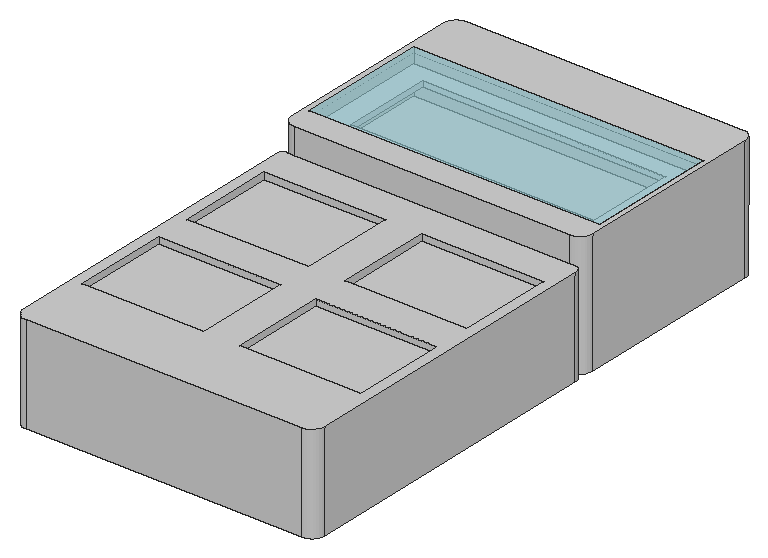
Revit family "Building-IEC309Boards-GEWISS-68QDIN-DISTRIBUTION-BOARD-10MOD_4SOCKET-OUTLETS", category Apparecchi elettrici, host Superficie, Revit 2019
Family settings
  Host = Superficie
  Mantenere orientamento annotazione = Sì
  Quota connettore circolare = Usa diametro
  Tipo di parte = Normale
  Taglio con vuoti quando caricato = No
  Condiviso = No
  Punto di calcolo locali = Sì
Parameters (values of type "GW68003N - Q-DIN 10M 4 FLANGES S.O.16/32A IP65")
  visibilita posizionamento 2d [instance] = yes
  simbolo 2d [instance] = yes
  oggetto in pianta [instance] = not(visibilita posizionamento 2d)  # no
  distanza_simbolo [instance] = 0.1 mm
  bordo acceso [instance] = yes
  Visibilità sportello [instance] = yes
  Version type = "Empty"
  Version file RFA = "21.5"
  VETRO = Vetro
  URL = "https://www.gewiss.com/ww/en"
  Thermo-pressure with ball = "70 °C"
  Technical sheet = "https://www.gewiss.com/ww/en/search?q=GW68003N"
  Spostamento_effettivo_S [instance] = 4000 mm - Spostamento_S  # 3000 mm
  Spostamento_S = 1000 mm
  Simbolo_quadro [instance] = not(simbolo 2d)  # no
  Shock resistance = "IK08"
  STRUTTURA ALTA = Poche
  STRUTTURA = RAL - 7035
  SEO = "Board"
  Realized by GEWISS S.p.A. = ""
  Default Elevation = 1219.2 mm
  Produttore = "GEWISS S.p.A."
  PRESA = rosso
  POMELLO = bianco
  Operating temperature: = "-25 +40 °C"
  No. of provided blank lids = "1 IEC 309 16A+1 16/32A"
  No. of modules EN 50022 = "10"
  N_Moduli = 10 mm
  Modello = "GW68003N"
  L_Moduli = N_Moduli * 19  # 190 mm
  Insulation class = "II"
  Installation type = "Surface-mounting"
  Immagine tipo = GW68003N.jpg
  IP degree = "IP65"
  IDT = "5c934acf-8a0f-4a84-b3af-3ec691fdcb62"
  IDF = "68fd7d4e-4812-4623-803a-9a5a20fe433f"
  Houseable socket = "2 IEC 16A + 2 IEC 16/32A"
  Glow Wire Test = "650°C"
  Electrocod = "2242"
  EAN code = "8011564744745"
  Dispersible power B (W) = "42"
  Dispersible power A (W) = "16"
  Descrizione = "Q-DIN 10M 4 FLANGES S.O.16/32A IP65"
  Colour = "Grey RAL 7035"
  Catalogue Range = "68 QDIN"
  Catalogue = "BUILDING"
  COBie.Tagnumber = ""
  COBie.CreatedOn = ""
  COBie.CreatebBy = ""
  COBie.ComponentRegisterItemID = ""
  COBie.Component.TagNumber = ""
  COBie.Component.Space = ""
  COBie.Component.SerialNumber = ""
  COBie.Component.InstallationDate = ""
  COBie.Component.Description = ""
  COBie.Component.BarCode = ""
  Accordance with Standards = "EN 60208 - EN 60670-1 - IEC 60670-24"
Reference planes
  plane 1 "Centro (Fronte/Retro)": y = 0
  plane 2: z = 0
  plane 3 "Centro (Sinistra/Destra)": x = 0
  plane 4: x = -3000
  plane 5: x = 0
Forms (mm)
  Extrusion 1, solid, material "RAL - 7035" <- "STRUTTURA", detail levels coarse
    sketch origin (0, 0, 0) x (0, 1, 0) y (0, 0, 1)
      loop
        line (0, 96) -> (0, 0) -> (429, 0) -> (429, 96) -> (0, 96)
    from -117.5 to 117.5
Lines and regions (mm)
  Masking region 1, visible <- "visibilita posizionamento 2d"
    outline origin (0, 0, 0) x (1, 0, 0) y (0, 0, 1)
      loop
        line (-117.5, 0) -> (117.5, 0) -> (117.5, 96) -> (-117.5, 96) -> (-117.5, 0)
Dimensions and locks
  plane 4 to plane 3 "Centro (Sinistra/Destra)" = 3000 mm
  "Spostamento_effettivo_S": plane 4 to plane 5
  aligned and locked: plane 2 to host face
  aligned and locked: level to host face
  aligned and locked: nested 1 to plane 5
  aligned and locked: nested 3 to plane 5
  aligned and locked: Extrusion 1 sketch curve to nested 2
  aligned and locked: nested 2 to plane 5
  aligned and locked: Extrusion 1 to nested 2  (x2)
Automatic sketch dimensions
  host sketch curve to host sketch curve = 2438.4 mm  (x2)
  Extrusion 1 sketch curve to level = 0 mm
  Extrusion 1 sketch curve to plane 1 "Centro (Fronte/Retro)" = 0 mm
  Extrusion 1 sketch curve to plane 1 "Centro (Fronte/Retro)" = 429 mm
  Masking region 1 sketch curve to level = 0 mm
  Masking region 1 sketch curve to plane 3 "Centro (Sinistra/Destra)" = 117.5 mm
  plane 3 "Centro (Sinistra/Destra)" to Masking region 1 sketch curve = 117.5 mm
  Masking region 1 sketch curve to Masking region 1 sketch curve = 96 mm
Nested families
  nested 1: "CENTRALINO" at (0, 737.795, 0), BORDO ACCESO <- "bordo acceso", SIMBOLO ACCESO <- "simbolo 2d", Distanza dal muro <- "distanza_simbolo", visible <- "simbolo 2d", type "CENTRALINO"
    with SIMBOLO ACCESO yes, Distanza dal muro 0.1 mm, BORDO ACCESO yes
  nested 2: "base____68QDIN10 QUADRO DISTRIBUZ X 4 PRESE IND" at (0, 266, 0), Visibilita sportello <- "Visibilità sportello", type "base____68QDIN10 QUADRO DISTRIBUZ X 4 PRESE IND", detail levels medium+fine
  nested 3: "simb_CENTRALINO_BASE_cad pro" at (0, 737.795, 0), Distanza dal muro <- "distanza_simbolo", visible <- "Simbolo_quadro", SIMBOLO ACCESO <- "Simbolo_quadro", type "simb_CENTRALINO_BASE_cad pro"
    with SIMBOLO ACCESO no, Distanza dal muro 0.1 mm, BORDO ACCESO yes
Definition of nested family "base____68QDIN10 QUADRO DISTRIBUZ X 4 PRESE IND"
  Parameters (values of type "base____68QDIN10 QUADRO DISTRIBUZ X 4 PRESE IND")
    n_moduli = 105 mm
    h_moduli = 70 mm
    Visibilita sportello [instance] = yes
    Vetro = none
    Struttura = none
    Spessore = 96 mm
    Default Elevation = 14 mm
    Presa = none
    Larghezza = 235 mm
    IFC.TypeObject = ""
    IFC.ExportType = ""
    IFC.ExportAs = ""
    H_da terra = 589.057 mm
    COBie.CreatedOn = ""
    COBie.CreatebBy = ""
    COBie.ComponentRegisterItemID = ""
    COBie.Component.TagNumber = ""
    COBie.Component.Space = ""
    COBie.Component.SerialNumber = ""
    COBie.Component.InstallationDate = ""
    COBie.Component.Description = ""
    COBie.Component.BarCode = ""
    Altezza scatole = 350 mm
    Altezza quadro = 150 mm
    Altezza = 258 mm
  Reference planes
    plane 1 "Centro (Fronte/Retro)": y = 0
    plane 2: z = 0
    plane 3 "Centro (Sinistra/Destra)": x = 0
    plane 4: z = 62.089
    plane 5: z = 103.126
    plane 6: z = 76.196
    plane 7: x = -117.5
    plane 8: x = 117.5
    plane 9: x = -113.5
    plane 10: x = 113.5
    plane 11: y = 123.21
    plane 12: y = 21.246
    plane 13: y = 0
    plane 14: y = -242.621
    plane 15: y = -28
    plane 16: y = -262
    plane 17: y = 168
    plane 18: z = 71.196
    plane 19: y = 109
    plane 20: y = 39
    plane 21: x = -52.5
    plane 22: x = 52.5
    plane 23: z = 92.059
    plane 24: z = 96
    plane 25 "posizionamento moduli": z = 84.734
    plane 26: z = 80.558
    plane 27: y = 74
    plane 28: x = -109.15
    plane 29: x = 109.15
    plane 30: x = -14
    plane 31 "14": x = 14
    plane 32: y = -103
    plane 33: y = -131
    plane 34: y = -206
  Forms (mm)
    Extrusion 1, solid, material <- "Struttura"
      sketch origin (0, -857.311, 0) x (1, 0, 0) y (0, 1, 0)
        loop
          arc (-107.5, 1025.311) -> (-114.571, 1022.382) -> (-117.5, 1015.311) r 10
          line (-117.5, 1015.311) -> (-117.5, 867.311)
          arc (-117.5, 867.311) -> (-114.571, 860.24) -> (-107.5, 857.311) r 10
          line (-107.5, 857.311) -> (107.5, 857.311)
          arc (107.5, 857.311) -> (114.571, 860.24) -> (117.5, 867.311) r 10
          line (117.5, 867.311) -> (117.5, 1015.311)
          arc (117.5, 1015.311) -> (114.571, 1022.382) -> (107.5, 1025.311) r 10
          line (107.5, 1025.311) -> (-107.5, 1025.311)
      from 0 to 96
    Extrusion 2, solid, material <- "Struttura"
      sketch origin (0, -857.311, 0) x (1, 0, 0) y (0, 1, 0)
        loop
          line (109.95, 857.311) -> (-113.88, 857.311)
          arc (-113.88, 857.311) -> (-116.44, 856.251) -> (-117.5, 853.691) r 3.62
          line (-117.5, 853.691) -> (-117.5, 605.311)
          arc (-117.5, 605.311) -> (-114.571, 598.24) -> (-107.5, 595.311) r 10
          line (-107.5, 595.311) -> (107.5, 595.311)
          arc (107.5, 595.311) -> (114.571, 598.24) -> (117.5, 605.311) r 10
          line (117.5, 605.311) -> (117.5, 849.76)
          arc (117.5, 849.76) -> (115.289, 855.099) -> (109.95, 857.311) r 7.55
      from 0 to 76.196
    Extrusion 3, void
      sketch origin (0, -857.311, 0) x (1, 0, 0) y (0, 1, 0)
        loop
          line (-113.5, 980.52) -> (-113.5, 878.557) -> (113.5, 878.557) -> (113.5, 980.52) -> (-113.5, 980.52)
      from 62.089 to 96
    Extrusion 4, solid, material <- "Vetro", visible <- "Visibilita sportello", detail levels fine
      sketch origin (0, -857.311, 0) x (1, 0, 0) y (0, 1, 0)
        loop
          line (-113.5, 980.52) -> (-113.5, 878.557) -> (113.5, 878.557) -> (113.5, 980.52) -> (-113.5, 980.52)
      from 92.059 to 96
    Extrusion 5, void
      sketch origin (0, -857.311, 0) x (1, 0, 0) y (0, 1, 0)
        loop
          line (-109.15, 829.311) -> (-109.15, 754.311) -> (-14, 754.311) -> (-14, 829.311) -> (-109.15, 829.311)
      from 71.196 to 76.196
    Extrusion 6, void
      sketch origin (0, 0, 0) x (1, 0, 0) y (0, 1, 0)
        loop
          line (-52.5, 39) -> (52.5, 39) -> (52.5, 109) -> (-52.5, 109) -> (-52.5, 39)
      from 80.558 to 84.734
    Extrusion 7, solid
      sketch origin (0, 0, 0) x (1, 0, 0) y (0, 1, 0)
        loop
          line (-113.5, 123.21) -> (-113.5, 21.246) -> (113.5, 21.246) -> (113.5, 123.21) -> (-113.5, 123.21)
      from 80.558 to 84.734
    Extrusion 8, void
      sketch origin (0, -857.311, 0) x (-1, 0, 0) y (0, -1, 0)
        loop
          line (-109.15, -829.311) -> (-14, -829.311) -> (-14, -754.311) -> (-109.15, -754.311) -> (-109.15, -829.311)
      from 71.196 to 76.196
    Extrusion 9, void
      sketch origin (0, 645.311, 0) x (1, 0, 0) y (0, 1, 0)
        loop
          line (-109.15, -851.311) -> (-14, -851.311) -> (-14, -776.311) -> (-109.15, -776.311) -> (-109.15, -851.311)
      from 71.196 to 76.196
    Extrusion 10, void
      sketch origin (0, 645.311, 0) x (-1, 0, 0) y (0, -1, 0)
        loop
          line (-109.15, 851.311) -> (-109.15, 776.311) -> (-14, 776.311) -> (-14, 851.311) -> (-109.15, 851.311)
      from 71.196 to 76.196
  Cuts and joins
    Extrusion 3 cuts Extrusion 1
    Extrusion 5, Extrusion 8, Extrusion 9, Extrusion 10 cuts Extrusion 2
    Extrusion 6 cuts Extrusion 7
    Extrusion 6 cuts Extrusion 4
  Lines and regions (mm)
    model lines
      curve 1: line (-52.5, 74, 84.734) -> (52.5, 74, 84.734)
  Dimensions and locks
    locked: plane 4 to plane 5 at 41.036
    locked: plane 7 to plane 9 at 4
    locked: plane 10 to plane 8 at 4
    equal spacing: plane 7, plane 3 "Centro (Sinistra/Destra)", plane 8
    "Larghezza": plane 7 to plane 8
    plane 13 to plane 15 = 28 mm
    plane 1 "Centro (Fronte/Retro)" to plane 17 = 168 mm
    plane 16 to plane 13 = 262 mm
    plane 12 to plane 1 "Centro (Fronte/Retro)" = 21.246 mm
    plane 11 to plane 17 = 44.79 mm
    locked: plane 6 to plane 18 at 5
    locked: plane 17 to plane 19 at 59
    "h_moduli": plane 19 to plane 20
    equal spacing: plane 21, plane 3 "Centro (Sinistra/Destra)", plane 22
    "n_moduli": plane 21 to plane 22
    locked: plane 24 to plane 23 at 3.941
    plane 6 to plane 2 = 76.196 mm
    locked: plane 23 to plane 25 "posizionamento moduli" at 7.325
    locked: plane 25 "posizionamento moduli" to plane 26 at 4.176
    equal spacing: plane 19, plane 27, plane 20
    plane 15 to plane 32 = 75 mm
    locked: plane 7 to plane 28 at 8.35
    locked: plane 29 to plane 8 at 8.35
    locked: plane 30 to plane 3 "Centro (Sinistra/Destra)" at 14
    locked: plane 3 "Centro (Sinistra/Destra)" to plane 31 "14" at 14
    plane 33 to plane 32 = 28 mm
    plane 34 to plane 33 = 75 mm
    plane 28 to plane 30 = 95.15 mm
    radius of Extrusion 2 sketch curve = 10 mm  (x2)
    radius of Extrusion 2 sketch curve = 3.62 mm
    radius of Extrusion 2 sketch curve = 7.55 mm
    radius of Extrusion 1 sketch curve = 10 mm  (x4)
    aligned and locked: level to plane 2
    aligned and locked: cut or joined group of Extrusion 1, Extrusion 3 to plane 4  (x2)
    aligned and locked: Extrusion 2 to plane 6
    aligned and locked: plane 7 to Extrusion 2 sketch curve
    aligned and locked: plane 8 to Extrusion 2 sketch curve
    aligned and locked: plane 8 to Extrusion 1 sketch curve
    aligned and locked: plane 7 to Extrusion 1 sketch curve
    aligned and locked: Extrusion 4 sketch curve to plane 9
    aligned and locked: Extrusion 4 sketch curve to plane 10
    aligned and locked: Extrusion 3 sketch curve to plane 9
    aligned and locked: Extrusion 3 sketch curve to plane 10
    aligned and locked: Extrusion 4 sketch curve to plane 11
    aligned and locked: plane 12 to Extrusion 4 sketch curve
    aligned and locked: Extrusion 3 sketch curve to plane 11
    aligned and locked: plane 12 to Extrusion 3 sketch curve
    aligned and locked: plane 13 to Extrusion 1 sketch curve
    aligned and locked: Extrusion 2 sketch curve to plane 13
    aligned and locked: plane 16 to Extrusion 2 sketch curve
    aligned and locked: plane 15 to Extrusion 5
    aligned and locked: plane 1 "Centro (Fronte/Retro)" to plane 13
    aligned and locked: plane 17 to Extrusion 1 sketch curve
    aligned and locked: Extrusion 5 to plane 18
    aligned and locked: Extrusion 5 to plane 6
    aligned and locked: Extrusion 6 sketch curve to plane 21
    aligned and locked: Extrusion 6 sketch curve to plane 19
    aligned and locked: Extrusion 6 sketch curve to plane 20
    aligned and locked: Extrusion 6 sketch curve to plane 22
    aligned and locked: plane 24 to cut or joined group of Extrusion 1, Extrusion 3
    aligned and locked: plane 25 "posizionamento moduli" to Extrusion 6
    aligned and locked: Extrusion 6 to plane 26
    aligned and locked: Extrusion 7 sketch curve to plane 11
    aligned and locked: Extrusion 7 sketch curve to plane 12
    aligned and locked: Extrusion 7 to plane 26
    aligned and locked: plane 25 "posizionamento moduli" to Extrusion 7
    aligned and locked: Extrusion 7 sketch curve to Extrusion 4  (x2)
    aligned and locked: plane 27 to curve 1
    aligned and locked: Extrusion 5 sketch curve to plane 28
    aligned and locked: Extrusion 5 sketch curve to plane 30
    aligned and locked: Extrusion 8 sketch curve to plane 29
    aligned and locked: Extrusion 8 sketch curve to plane 31 "14"
    aligned and locked: plane 15 to Extrusion 8 sketch curve
    aligned and locked: plane 32 to Extrusion 8 sketch curve
    aligned and locked: Extrusion 5 sketch curve to plane 32
    aligned and locked: plane 33 to Extrusion 9 sketch curve
    aligned and locked: Extrusion 10 sketch curve to plane 33
    aligned and locked: plane 34 to Extrusion 9 sketch curve
    aligned and locked: Extrusion 10 sketch curve to plane 34
  Automatic sketch dimensions
    Extrusion 5 sketch curve to plane 15 = 0 mm
    curve 1 to plane 21 = 0 mm
    curve 1 to plane 22 = 0 mm
    Extrusion 9 sketch curve to plane 28 = 0 mm
    Extrusion 9 sketch curve to plane 30 = 0 mm
    Extrusion 10 sketch curve to plane 29 = 0 mm
    Extrusion 10 sketch curve to plane 31 "14" = 0 mm
Definition of nested family "CENTRALINO"
  Parameters (values of type "CENTRALINO")
    SIMBOLO ACCESO [instance] = yes
    Distanza dal muro [instance] = 0 mm
    BORDO ACCESO [instance] = yes
  Reference planes
    plane 1: y = 0
    plane 2: x = 0
  Dimensions and locks
    "Distanza dal muro": plane 1 to nested 1
    aligned and locked: plane 2 to nested 1
  Nested families
    nested 1: "CENTRALINO_BASE" at (0, 0, 0), BORDO ACCESO <- "BORDO ACCESO", visible <- "SIMBOLO ACCESO", type "CENTRALINO"
      with BORDO ACCESO yes
  Definition of nested family "CENTRALINO_BASE"
    Parameters (values of type "CENTRALINO")
      Distanza dal muro = 0 mm
      BORDO ACCESO [instance] = yes
    Reference planes
      plane 1: y = 0
      plane 2: x = 0
    Lines and regions (mm)
      detail lines, visible <- "BORDO ACCESO", not visible
        curve 1: line (-2.443, 10.208, 0) -> (2.057, 10.208, 0)
        curve 2: line (2.057, 10.208, 0) -> (2.057, 4.208, 0)
        curve 3: line (2.057, 4.208, 0) -> (-2.443, 4.208, 0)
        curve 4: line (-2.443, 4.208, 0) -> (-2.443, 10.208, 0)
        curve 5: line (-2.043, 9.808, 0) -> (1.657, 9.808, 0)
        curve 6: line (1.657, 9.808, 0) -> (1.657, 4.608, 0)
        curve 7: line (1.657, 4.608, 0) -> (-2.043, 4.608, 0)
        curve 8: line (-2.043, 4.608, 0) -> (-2.043, 9.808, 0)
      detail lines
        curve 9: line (0, 0.671, 0) -> (0, 0, 0)
        curve 10: line (0.659, 0.671, 0) -> (0.659, 1.33, 0)
        curve 11: line (0.659, 1.33, 0) -> (-0.659, 1.33, 0)
        curve 12: line (-0.659, 1.33, 0) -> (-0.659, 0.671, 0)
        curve 13: line (-0.659, 0.671, 0) -> (0.659, 0.671, 0)
        curve 14: line (0.497, 1.33, 0) -> (0.497, 2, 0)
        curve 15: line (0.167, 1.33, 0) -> (0.167, 2, 0)
        curve 16: line (-0.162, 1.33, 0) -> (-0.162, 2, 0)
        curve 17: line (-0.491, 1.33, 0) -> (-0.491, 2, 0)
Definition of nested family "simb_CENTRALINO_BASE_cad pro"
  Parameters (values of type "simb_CENTRALINO_BASE_cad pro")
    SIMBOLO ACCESO [instance] = yes
    Distanza dal muro [instance] = 0 mm
    BORDO ACCESO [instance] = yes
  Reference planes
    plane 1: y = 0
    plane 2: x = 0
  Dimensions and locks
    "Distanza dal muro": plane 1 to nested 1
    aligned and locked: plane 2 to nested 1
  Nested families
    nested 1: "CENTRALINO_BASE_cad pro" at (0, 0, 0), type "CENTRALINO"
  Definition of nested family "CENTRALINO_BASE_cad pro"
    Parameters (values of type "CENTRALINO")
      Distanza dal muro = 0 mm
    Reference planes
      plane 1: y = 0
      plane 2: x = 0
    Lines and regions (mm)
      detail lines
        curve 1: line (1.33, 1.33, 0) -> (2.109, 1.33, 0)
        curve 2: line (2.109, 1.33, 0) -> (2.109, 0, 0)
        curve 3: line (2.109, 0, 0) -> (1.33, 0, 0)
        curve 4: line (1.33, 0, 0) -> (-1.33, 1.33, 0)
        curve 5: line (-1.33, 1.33, 0) -> (1.33, 1.33, 0)
        curve 6: line (1.33, 1.33, 0) -> (1.33, 0, 0)
        curve 7: line (1.33, 0, 0) -> (-1.33, 0, 0)
        curve 8: line (-1.33, 0, 0) -> (-1.33, 1.33, 0)
        curve 9: line (1.461, 0.665, 0) -> (1.977, 0.665, 0)
        curve 10: line (1.719, 0.665, 0) -> (1.719, 1.01, 0)
        curve 11: arc (1.977, 0.406, 0) -> (1.719, 0.665, 0) -> (1.461, 0.406, 0) r 0.258
